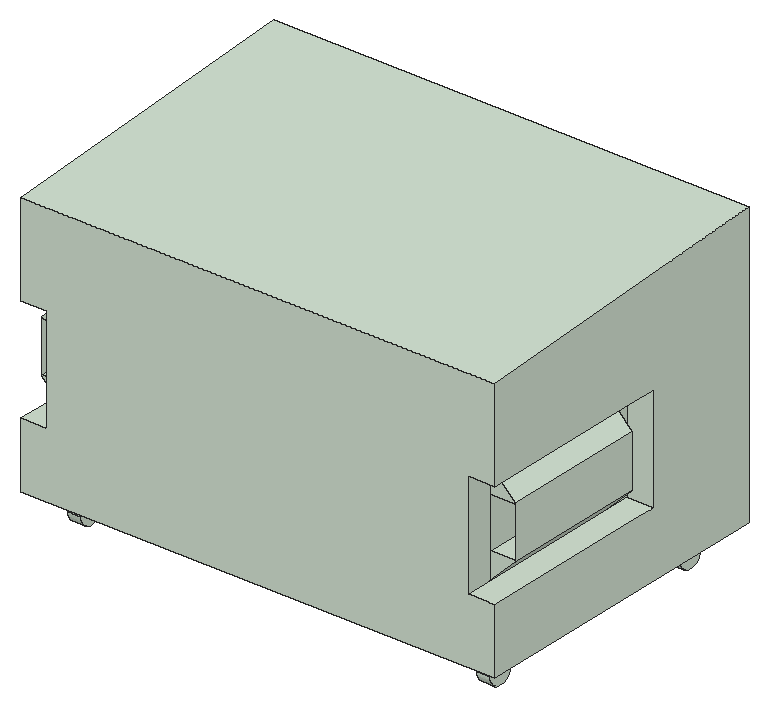
Revit family "323323 - Site Trash and Litter Receptacles - Dumpsters", category Specialty Equipment, Revit 2019
Family settings
  Round Connector Dimension = Use Diameter
  Part Type = Undefined
  Work Plane-Based = No
  Always vertical = Yes
  Cut with Voids When Loaded = No
  Shared = No
  Room Calculation Point = No
Parameters (values of type "3-Yard Bin")
  WIDTH = 6' - 0"
  Material = TRASH BIN
  HEIGHT - REAR = 4' - 0"
  HEIGHT - FRONT = 3' - 9"
  DEPTH = 4' - 0"
Reference planes (in)
  plane 1 "Center (Front/Back)": y = 0
  plane 2: z = 0
  plane 3 "Center (Left/Right)": x = 0
  plane 4 "LEFT": x = -36
  plane 5 "RIGHT": x = 36
  plane 6 "FRONT": y = -24
  plane 7 "BACK": y = 24
  plane 8: z = 5
  plane 9 "HEIGHT - REAR": z = 48
  plane 10 "HEIGHT - FRONT": z = 45
  plane 11 "LEFT INSIDE": x = -32
  plane 12 "RIGHT INSIDE": x = 32
  plane 13 "MID": z = 23
Forms (in)
  Extrusion 1, solid, material "TRASH BIN" <- "Material"
    sketch origin (-36, 0, 0) x (0, 1, 0) y (0, 0, 1)
      loop
        line (24, 48) -> (-24, 45) -> (-24, 5) -> (24, 5) -> (24, 48)
    from 0 to 72
  Extrusion 2, solid, material "TRASH BIN" <- "Material"
    sketch origin (-32, 0, 0) x (0, 1, 0) y (0, 0, 1)
      loop
        circle (18, 2) r 2
      loop
        circle (-18, 2) r 2
    from 0 to 2
  Extrusion 3, solid, material "TRASH BIN" <- "Material"
    sketch origin (32, 0, 0) x (0, 1, 0) y (0, 0, 1)
      loop
        circle (-18, 2) r 2
      loop
        circle (18, 2) r 2
    from 0 to -2
  Extrusion 4, void
    sketch origin (0, -24, 0) x (1, 0, 0) y (0, 0, 1)
      loop
        line (-36, 27) -> (-32, 31) -> (-36, 31) -> (-36, 27)
      loop
        line (-36, 19) -> (-36, 15) -> (-32, 15) -> (-36, 19)
      loop
        line (-35.875, 26.875) -> (-35.875, 19.125) -> (-32.125, 19.125) -> (-32.125, 26.875) -> (-35.875, 26.875)
      loop
        line (36, 27) -> (36, 31) -> (32, 31) -> (36, 27)
      loop
        line (36, 19) -> (32, 15) -> (36, 15) -> (36, 19)
      loop
        line (35.875, 26.875) -> (32.125, 26.875) -> (32.125, 19.125) -> (35.875, 19.125) -> (35.875, 26.875)
    from 0 to -30
  Extrusion 5, void
    sketch origin (-36, 0, 0) x (0, 1, 0) y (0, 0, 1)
      loop
        line (-20, 31) -> (-24, 31) -> (-24, 15) -> (-20, 15) -> (-20, 31)
    from 0 to 4
  Extrusion 6, void
    sketch origin (36, 0, 0) x (0, 1, 0) y (0, 0, 1)
      loop
        line (-24, 31) -> (-24, 15) -> (-20, 15) -> (-20, 31) -> (-24, 31)
    from 0 to -4
  Extrusion 7, void
    sketch origin (-36, 0, 0) x (0, 1, 0) y (0, 0, 1)
      loop
        line (6, 31) -> (2, 31) -> (2, 15) -> (6, 15) -> (6, 31)
    from 0 to 4
  Extrusion 8, void
    sketch origin (36, 0, 0) x (0, 1, 0) y (0, 0, 1)
      loop
        line (6, 15) -> (6, 31) -> (2, 31) -> (2, 15) -> (6, 15)
    from 0 to -4
Cuts and joins
  Extrusion 4, Extrusion 5, Extrusion 6, Extrusion 7, Extrusion 8 cuts Extrusion 1
Dimensions and locks (in)
  "DEPTH": plane 6 "FRONT" to plane 7 "BACK"
  "WIDTH": plane 4 "LEFT" to plane 5 "RIGHT"
  "HEIGHT - REAR": level to plane 9 "HEIGHT - REAR"
  "HEIGHT - FRONT": level to plane 10 "HEIGHT - FRONT"
  equal spacing: plane 6 "FRONT", plane 1 "Center (Front/Back)", plane 7 "BACK"
  equal spacing: plane 11 "LEFT INSIDE", plane 3 "Center (Left/Right)", plane 12 "RIGHT INSIDE"
  locked: plane 4 "LEFT" to plane 11 "LEFT INSIDE" at 4
  locked: plane 12 "RIGHT INSIDE" to plane 5 "RIGHT" at 4
  locked: plane 7 "BACK" to Extrusion 2 at 4
  locked: Extrusion 2 to plane 6 "FRONT" at 4
  locked: plane 6 "FRONT" to Extrusion 3 at 4
  locked: Extrusion 3 to plane 7 "BACK" at 4
  locked: cut or joined group of Extrusion 1, Extrusion 4, Extrusion 5, Extrusion 6, Extrusion 7, Extrusion 8 to cut or joined group of Extrusion 1, Extrusion 4, Extrusion 5, Extrusion 6, Extrusion 7, Extrusion 8 at 4  (x2)
  locked: Extrusion 7 to Extrusion 7 at 4
  locked: Extrusion 7 to plane 6 "FRONT" at 26
  aligned and locked: plane 5 "RIGHT" to Extrusion 1
  aligned and locked: Extrusion 5 sketch curve to plane 6 "FRONT"
  aligned and locked: cut or joined group of Extrusion 1, Extrusion 4, Extrusion 5, Extrusion 6, Extrusion 7, Extrusion 8 to plane 6 "FRONT"  (x2)
  aligned and locked: Extrusion 8 sketch curve to cut or joined group of Extrusion 1, Extrusion 4, Extrusion 5, Extrusion 6, Extrusion 7, Extrusion 8  (x3)
Automatic sketch dimensions
  Extrusion 1 sketch curve to plane 6 "FRONT" = 0' - 0"
  Extrusion 1 sketch curve to plane 7 "BACK" = 0' - 0"
  Extrusion 1 sketch curve to plane 8 = 0' - 0"
  Extrusion 1 sketch curve to plane 10 "HEIGHT - FRONT" = 0' - 0"
  Extrusion 1 sketch curve to plane 9 "HEIGHT - REAR" = 0' - 0"
  level to Extrusion 2 sketch curve = 0' - 2"  (x2)
  Extrusion 2 sketch curve to plane 6 "FRONT" = 0' - 6"
  plane 7 "BACK" to Extrusion 2 sketch curve = 0' - 6"
  level to Extrusion 3 sketch curve = 0' - 2"  (x2)
  Extrusion 3 sketch curve to plane 6 "FRONT" = 0' - 6"
  plane 7 "BACK" to Extrusion 3 sketch curve = 0' - 6"
  Extrusion 4 sketch curve to plane 4 "LEFT" = 0' - 0"  (x2)
  Extrusion 4 sketch curve to plane 11 "LEFT INSIDE" = 0' - 0"  (x2)
  Extrusion 4 sketch curve to plane 12 "RIGHT INSIDE" = 0' - 0"  (x2)
  Extrusion 4 sketch curve to plane 5 "RIGHT" = 0' - 0"  (x2)
  plane 4 "LEFT" to Extrusion 4 sketch curve = 0' - 0 1/8"
  Extrusion 4 sketch curve to plane 11 "LEFT INSIDE" = 0' - 0 1/8"
  plane 12 "RIGHT INSIDE" to Extrusion 4 sketch curve = 0' - 0 1/8"
  Extrusion 4 sketch curve to plane 5 "RIGHT" = 0' - 0 1/8"
  plane 13 "MID" to Extrusion 4 sketch curve = 0' - 8"  (x2)
  Extrusion 4 sketch curve to Extrusion 4 sketch curve = 0' - 4"  (x3)
  plane 13 "MID" to Extrusion 4 sketch curve = 0' - 4"
  Extrusion 4 sketch curve to Extrusion 4 sketch curve = 0' - 0 1/8"  (x3)
  plane 13 "MID" to Extrusion 4 sketch curve = 0' - 3 7/8"
  Extrusion 4 sketch curve to plane 13 "MID" = 0' - 3 7/8"  (x2)
  Extrusion 5 sketch curve to Extrusion 5 sketch curve = 0' - 4"
  plane 13 "MID" to Extrusion 5 sketch curve = 0' - 8"
  Extrusion 5 sketch curve to plane 13 "MID" = 0' - 8"
  Extrusion 6 sketch curve to plane 6 "FRONT" = 0' - 0"
  Extrusion 6 sketch curve to Extrusion 6 sketch curve = 0' - 4"
  plane 13 "MID" to Extrusion 6 sketch curve = 0' - 8"
  Extrusion 6 sketch curve to plane 13 "MID" = 0' - 8"
  Extrusion 7 sketch curve to plane 1 "Center (Front/Back)" = 0' - 2"
  Extrusion 7 sketch curve to plane 1 "Center (Front/Back)" = 0' - 6"
  plane 13 "MID" to Extrusion 7 sketch curve = 0' - 8"
  Extrusion 7 sketch curve to plane 13 "MID" = 0' - 8"
  Extrusion 8 sketch curve to plane 13 "MID" = 0' - 8"
  radius of Extrusion 2 sketch curve = 0' - 2"  (x2)
  radius of Extrusion 3 sketch curve = 0' - 2"  (x2)
